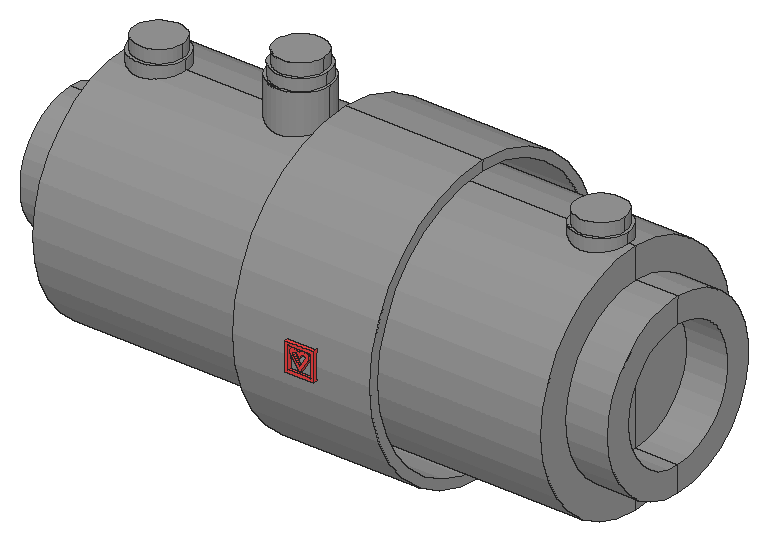
Revit family "HERZ System Separator 0307 AG-IG", category Rohrzubehör, Revit 2018
Family settings
  Bemaßung runder Anschluss = Durchmesser verwenden
  Teiletyp = Unterbricht
  OmniClass-Nummer = 23.65.55.14
  OmniClass-Titel = Valves for Liquid Services
  Arbeitsebenenbasiert = Nein
  Immer vertikal = Ja
  Beim Laden mit Abzugskörper schneiden = Nein
  Gemeinsam genutzt = Nein
Parameters (values of type "AG-IG DN40-DN40")
  URL = "www.herzvalves.com"
  SCTWSEQ = "AW;SBT_TYP_AW=\"104\";2"
  SCTWCODE = "04;12;02"  # constant formula
  S03 = 15.000 mm  # constant formula
  S02 = 45.000 mm  # constant formula
  S01 = 98.000 mm  # constant formula
  Nennweite Ein [instance] = if(AG_IG_DN40_DN40, 40.000 mm, if(AG_IG_DN40_DN50, 40.000 mm, if(AG_IG_DN50_DN40, 50.000 mm, if(AG_IG_DN50_DN50, 50.000 mm, 0.000 mm))))  # 40.000 mm
  Nennweite Aus [instance] = if(AG_IG_DN40_DN40, 40.000 mm, if(AG_IG_DN40_DN50, 50.000 mm, if(AG_IG_DN50_DN40, 40.000 mm, if(AG_IG_DN50_DN50, 50.000 mm, 0.000 mm))))  # 40.000 mm
  Model = "The backflow preventer has been developed in accordance with the standard DIN EN 1717.\r\nAccording to this standard, the water quality is divided up into 5 classes depending on the degree of contamination.\r\nBackflow preventers of type BA provide protection against non-drinking water up to hazard class 4.\r\nThis is the highest hazard class that may be safeguarded with a valve.\r\nSafeguarding a standpipe with a lower form of protection than a system separator of type BA per DIN EN 1717 is no longer reflective of current engineering practice and the operator is therefore liable in the event of damage with such a standpipe.\r\nThe functional unit is designed as a single-piece cartridge with large-dimension control piston and pressure surge-damped discharge valve system.\r\nThreaded connections are mutually interchangeable, whereby 16 possible connection variants exist (intake and outlet side available in 1 1/2\" inner or outer thread, alternatively in 2\" inner or outer thread)."
  Medium = "Water (without steam)"  # constant formula
  Max. permissible temperature (short-term) = 80 °C  # constant formula
  Max. operating temperature = 65 °C  # constant formula
  Max. operating pressure = 1000000.0 Pa  # constant formula
  L07 = 24.500 mm  # constant formula
  L06 = 73.000 mm  # constant formula
  L05 = 28.000 mm  # constant formula
  L04 = 13.500 mm  # constant formula
  L03 = 87.500 mm  # constant formula
  L02 = 18.000 mm  # constant formula
  L01 = 193.000 mm  # constant formula
  Note = "Pursuant to Article 33 of the REACH Regulation (EC No. 1907/2006), we are obliged to point out that the material lead is listed on the SVHC list and that all brass components manufactured in our products exceed 0.1% (w / w) lead (CAS: 7439-92-1 / EINECS: 231-100-4).\r\nSince lead is a component part of an alloy, actual exposure is not possible and therefore no additional information on safe use is necessary."
  Installation position = "Horizontal or perpendicular pointing downwards"  # constant formula
  Hersteller = "HERZ Armaturen Ges.m.b.H."  # constant formula
  D03 [instance] = if(AG_IG_DN40_DN40, 28.000 mm, if(AG_IG_DN40_DN50, 33.000 mm, if(AG_IG_DN50_DN40, 28.000 mm, if(AG_IG_DN50_DN50, 33.000 mm, 0.000 mm))))  # 28.000 mm
  D02 = 45.000 mm  # constant formula
  D01 = 37.500 mm  # constant formula
  Body = "stainless steel"  # constant formula
  Part number [instance] = if(AG_IG_DN40_DN40, "I030704", if(AG_IG_DN40_DN50, "I030712", if(AG_IG_DN50_DN40, "I030716", if(AG_IG_DN50_DN50, "I030708", "0"))))  # "I030704"
  Application = "The backflow preventer is an economical solution for retrofitting to standpipes that are required to have a mandatory safety valve according to DIN EN 1717 for preventing the back-suction, back-flowing or back-pressuring of non-drinking water into the drinking water line.\r\nThe backflow preventer is suitable for horizontal installation.\r\nIt can also be fitted perpendicular, although only pointing downwards.\r\nIt is not approved for installation in a riser."
  AG_IG_DN50_DN50 = no
  AG_IG_DN50_DN40 = no
  AG_IG_DN40_DN50 = no
  AG_IG_DN40_DN40 = yes
  IG Aus [instance] = Nennweite Aus / 2  # 20.000 mm
  AG Ein [instance] = Nennweite Ein / 2  # 20.000 mm
Types (5, lengths in mm): name | Nennweite Ein | Nennweite Aus | D03 | Part number | AG_IG_DN50_DN50 | AG_IG_DN50_DN40 | AG_IG_DN40_DN50 | AG_IG_DN40_DN40 | IG Aus | AG Ein
  (no name) | 40.000 | 40.000 | 28.000 | "I030704" | no | no | no | yes | 20.000 | 20.000
  AG-IG DN40-DN50 | 40.000 | 50.000 | 33.000 | "I030712" | no | no | yes | no | 25.000 | 20.000
  AG-IG DN40-DN40 | 40.000 | 40.000 | 28.000 | "I030704" | no | no | no | yes | 20.000 | 20.000
  AG-IG DN50-DN50 | 50.000 | 50.000 | 33.000 | "I030708" | yes | no | no | no | 25.000 | 25.000
  AG-IG DN50-DN40 | 50.000 | 40.000 | 28.000 | "I030716" | no | yes | no | no | 20.000 | 25.000
Reference planes
  plane 1 "Mitte (Vorne/hinten)": y = 0
  plane 2: z = 0
  plane 3 "Mitte (Links/rechts)": x = 0
Forms (mm)
  Revolve 1, solid, material "Messing, weicher Gelbton, geschweißt", detail levels fine
    sketch origin (0, 0, 0) x (1, 0, 0) y (0, 0, 1)
      loop
        line (-96.5, 0) -> (83, 0) -> (83, 20) -> (96.5, 20) -> (96.5, 28) -> (83, 28) -> (83, 37.5) -> (-78.5, 37.5) -> (-78.5, 20) -> (-96.5, 20) -> (-96.5, 0)
      axis (-96.5, 0) -> (96.5, 0)
    angle from 0 to 360
  Revolve 2, solid, material "Acetalharz, Schwarz", detail levels fine
    sketch origin (0, 0, 0) x (1, 0, 0) y (0, 0, 1)
      loop
        line (-9, 0) -> (1.5, 0) -> (1.5, 42) -> (34.5, 42) -> (34.5, 45) -> (-9, 45) -> (-9, 0)
      axis (-9, 0) -> (34.5, 0)
    angle from 0 to 360
  Extrusion 3, solid, material "Messing, weicher Gelbton, geschweißt", detail levels fine
    sketch origin (0, 0, 0) x (1, 0, 0) y (0, 1, 0)
      loop
        circle (-68.5, 0) r 8.5
      loop
        circle (72, 0) r 8.5
    from 0 to 40.5
  Extrusion 4, solid, material "Acetalharz, Schwarz", detail levels fine
    sketch origin (0, 0, 0) x (1, 0, 0) y (0, 1, 0)
      loop
        circle (-68.5, 0) r 7.5
      loop
        circle (72, 0) r 7.5
    from 40.5 to 44.5
  Extrusion 5, solid, material "Messing, weicher Gelbton, geschweißt", detail levels fine
    sketch origin (0, 0, 0) x (1, 0, 0) y (0, 1, 0)
      loop
        circle (-23.5, 0) r 9.3
    from 0 to 49
  Extrusion 6, solid, material "Messing, weicher Gelbton, geschweißt", detail levels fine
    sketch origin (0, 0, 0) x (1, 0, 0) y (0, 1, 0)
      loop
        circle (-23.5, 0) r 8.5
    from 49 to 52.5
  Extrusion 7, solid, material "Acetalharz, Schwarz", visible <- "AG_IG_DN40_DN50", detail levels fine
    sketch origin (0, 0, 0) x (1, 0, 0) y (0, 1, 0)
      loop
        circle (-23.5, 0) r 7.5
    from 52.5 to 56.5
  Extrusion 8, solid, material "Acetalharz, Schwarz", visible <- "AG_IG_DN40_DN40", detail levels fine
    sketch origin (0, 0, 0) x (1, 0, 0) y (0, 1, 0)
      loop
        circle (-23.5, 0) r 7.5
    from 52.5 to 56.4
  Extrusion 9, solid, material "Acetalharz, Schwarz", visible <- "AG_IG_DN50_DN50", detail levels fine
    sketch origin (0, 0, 0) x (1, 0, 0) y (0, 1, 0)
      loop
        circle (-23.5, 0) r 7.5
    from 52.5 to 56.3
  Extrusion 10, solid, material "Acetalharz, Schwarz", visible <- "AG_IG_DN50_DN40", detail levels fine
    sketch origin (0, 0, 0) x (1, 0, 0) y (0, 1, 0)
      loop
        circle (-23.5, 0) r 7.5
    from 52.5 to 56.2
Lines and regions (mm)
  model lines, detail levels coarse+medium
    curve 1: line (-96.5, 0, 37.5) -> (96.5, 0, 37.5)
    curve 2: line (-96.5, 0, -37.5) -> (-96.5, 0, 37.5)
    curve 3: line (96.5, 0, -37.5) -> (-96.5, 0, -37.5)
    curve 4: line (96.5, 0, 37.5) -> (96.5, 0, -37.5)
    curve 5: line (-96.5, 0, -22.5) -> (-51.5, 0, -22.5)
    curve 6: line (-1.5, 0, -22.5) -> (96.5, 0, -22.5)
    curve 7: line (-96.5, 0, 22.5) -> (-51.5, 0, 22.5)
    curve 8: line (-1.5, 0, 22.5) -> (96.5, 0, 22.5)
    curve 9: line (-96.5, 37.5, 0) -> (96.5, 37.5, 0)
    curve 10: line (-96.5, -37.5, 0) -> (-96.5, 37.5, 0)
    curve 11: line (96.5, -37.5, 0) -> (-96.5, -37.5, 0)
    curve 12: line (96.5, 37.5, 0) -> (96.5, -37.5, 0)
    curve 13: line (-96.5, 22.5, 0) -> (-51.5, 22.5, 0)
    curve 14: line (-1.5, 22.5, 0) -> (96.5, 22.5, 0)
    curve 15: line (-96.5, -22.5, 0) -> (-51.5, -22.5, 0)
    curve 16: line (-1.5, -22.5, 0) -> (96.5, -22.5, 0)
Dimensions and locks
  "L04": Revolve 1 sketch curve to Revolve 1 sketch curve
  "L02": Revolve 1 sketch curve to Revolve 1 sketch curve
  "L01": Revolve 1 sketch curve to Revolve 1 sketch curve
  equal spacing: Revolve 1 sketch curve, plane 3 "Mitte (Links/rechts)", Revolve 1 sketch curve
  "AG Ein": Revolve 1 sketch curve to plane 2
  "D01": Revolve 1 sketch curve to plane 2
  "L03": Revolve 1 to Revolve 2 sketch curve
  equal spacing: curve 4, plane 3 "Mitte (Links/rechts)", curve 2
  "L01": curve 4 to curve 2
  "D01": curve 1 to plane 2 to curve 3
  "S03": curve 5 to curve 3
  "S03": curve 1 to curve 7
  "S03": curve 1 to curve 8
  "S03": curve 6 to curve 3
  "S02": curve 5 to curve 2
  "S02": curve 7 to curve 2
  "S01": curve 8 to curve 4
  "S01": curve 6 to curve 4
  equal spacing: curve 10, plane 3 "Mitte (Links/rechts)", curve 12
  "L01": curve 10 to curve 12
  "D01": curve 11 to plane 1 "Mitte (Vorne/hinten)" to curve 9
  "S03": curve 13 to curve 9
  "S03": curve 11 to curve 15
  "S03": curve 14 to curve 9
  "S03": curve 11 to curve 16
  "S01": curve 14 to curve 12
  "S01": curve 16 to curve 12
  "S02": curve 10 to curve 15
  "S02": curve 10 to curve 13
  "D02": Revolve 2 sketch curve to Revolve 2 sketch curve
  equal spacing: Revolve 2, nested 1, Revolve 2
  "D02": nested 1 to plane 1 "Mitte (Vorne/hinten)"
  "D03": Revolve 1 sketch curve to plane 2
  "IG Aus": Revolve 1 sketch curve to plane 2
  "L05": Revolve 1 to Extrusion 3 sketch curve
  "L05": Revolve 1 to Extrusion 4 sketch curve
  "L06": Revolve 1 to Extrusion 5 sketch curve
  "L06": Revolve 1 to Extrusion 6 sketch curve
  "L06": Revolve 1 to Extrusion 10 sketch curve
  "L06": Revolve 1 to Extrusion 9 sketch curve
  "L06": Revolve 1 to Extrusion 8 sketch curve
  "L06": Revolve 1 to Extrusion 7 sketch curve
  "L07": Extrusion 3 sketch curve to Revolve 1
  "L07": Extrusion 4 sketch curve to Revolve 1
  aligned and locked: level to plane 2
Automatic sketch dimensions
  Revolve 1 sketch curve to level = 0.000 mm  (x2)
  Revolve 1 sketch curve to Revolve 1 sketch curve = 0.000 mm
  Revolve 1 sketch curve to Revolve 1 sketch curve = 1408.530 mm
  Revolve 1 sketch curve to Revolve 1 sketch curve = 1741.148 mm
  Revolve 2 sketch curve to level = 0.000 mm  (x2)
  plane 3 "Mitte (Links/rechts)" to Revolve 2 sketch curve = 1.500 mm
  Revolve 2 sketch curve to Revolve 2 sketch curve = 33.000 mm
  Revolve 2 sketch curve to Revolve 2 sketch curve = 3.000 mm
  Revolve 2 sketch curve to Revolve 2 sketch curve = 1496.030 mm
  Revolve 2 sketch curve to Revolve 2 sketch curve = 1804.648 mm
  plane 1 "Mitte (Vorne/hinten)" to Extrusion 3 sketch curve = 0.000 mm  (x2)
  plane 1 "Mitte (Vorne/hinten)" to Extrusion 4 sketch curve = 0.000 mm  (x2)
  plane 1 "Mitte (Vorne/hinten)" to Extrusion 5 sketch curve = 0.000 mm
  plane 1 "Mitte (Vorne/hinten)" to Extrusion 6 sketch curve = 0.000 mm
  plane 1 "Mitte (Vorne/hinten)" to Extrusion 7 sketch curve = 0.000 mm
  plane 1 "Mitte (Vorne/hinten)" to Extrusion 8 sketch curve = 0.000 mm
  plane 1 "Mitte (Vorne/hinten)" to Extrusion 9 sketch curve = 0.000 mm
  plane 1 "Mitte (Vorne/hinten)" to Extrusion 10 sketch curve = 0.000 mm
  radius of Extrusion 3 sketch curve = 8.500 mm  (x2)
  radius of Extrusion 4 sketch curve = 7.500 mm  (x2)
  radius of Extrusion 5 sketch curve = 9.300 mm
  radius of Extrusion 6 sketch curve = 8.500 mm
  radius of Extrusion 7 sketch curve = 7.500 mm
  radius of Extrusion 8 sketch curve = 7.500 mm
  radius of Extrusion 9 sketch curve = 7.500 mm
  radius of Extrusion 10 sketch curve = 7.500 mm
Nested families
  nested 1: "Herz-Logo-vorne" at (12.75, -45, 0) x (0, 1, 0) z (0, 0, 1), type "Herz-Logo-vorne", detail levels fine
Connectors
  piping at (-96.5, 0, 0), diameter 40, driven by "Nennweite Ein"
    settings: on Revolve 1, index 2, connector inside diameter 609.6 mm, connector length 0.000 mm, flow factor 0, pipe flow 0.0 L/s, pressure drop 0.0 Pa, fitting loss kfactor 0, connector angle 0.00°, fixture units 0, engagement length 0.000 mm, angle of deflection 0.00°, flow configuration 0, flow direction 1, fitting loss method 0, system type 29, joint type 0, gender type 0, connector reference index -1, connector utility 0, adjustable connector no, is connector primary yes, connector description ""
  piping at (83, 0, 0), diameter 40, driven by "Nennweite Aus"
    settings: on Revolve 1, index 3, connector inside diameter 609.6 mm, connector length 0.000 mm, flow factor 0, pipe flow 0.0 L/s, pressure drop 0.0 Pa, fitting loss kfactor 0, connector angle 0.00°, fixture units 0, engagement length 0.000 mm, angle of deflection 0.00°, flow configuration 0, flow direction 2, fitting loss method 0, system type 29, joint type 0, gender type 0, connector reference index -1, connector utility 0, adjustable connector no, is connector primary no, connector description ""
Definition of nested family "Herz-Logo-vorne"
  Reference planes
    plane 1 "Mitte (Vorne/hinten)": y = 0
    plane 2: z = 0
    plane 3 "Mitte (Links/rechts)": x = 0
  Forms (mm)
    Extrusion 1, solid
      sketch origin (0.732, -0.018, 0.017) x (0, -1, 0) y (0, 0, 1)
        loop
          line (-0.018, -4.517) -> (4.482, -4.517) -> (4.482, 4.483) -> (-4.518, 4.483) -> (-4.518, -4.517) -> (-0.018, -4.517)
        loop
          line (-0.05, -3.48) -> (3.482, -3.48) -> (3.482, 3.483) -> (-3.518, 3.483) -> (-3.518, -3.48) -> (-0.05, -3.48)
        loop
          arc (-0.018, 2.383) -> (-1.543, 3.287) -> (-3.067, 2.383) r 1.738
          arc (-3.067, 2.383) -> (-3.191, 1.899) -> (-3.067, 1.415) r 1.009
          line (-3.067, 1.415) -> (-0.018, -3.281) -> (3.032, 1.415)
          arc (3.032, 1.415) -> (3.156, 1.899) -> (3.032, 2.383) r 1.009
          arc (3.032, 2.383) -> (1.507, 3.287) -> (-0.018, 2.383) r 1.738
        loop
          arc (1.885, 1.272) -> (2.005, 1.675) -> (1.885, 2.079) r 0.74
          arc (1.885, 2.079) -> (1.265, 2.416) -> (0.644, 2.079) r 0.74
          line (0.644, 2.079) -> (-0.018, 0.97) -> (-0.679, 2.079)
          arc (-0.679, 2.079) -> (-1.3, 2.416) -> (-1.921, 2.079) r 0.74
          arc (-1.921, 2.079) -> (-2.04, 1.675) -> (-1.921, 1.272) r 0.74
          line (-1.921, 1.272) -> (-0.018, -1.658) -> (1.885, 1.272)
      from 0 to 1.5
  Dimensions and locks
    aligned and locked: level to plane 2
